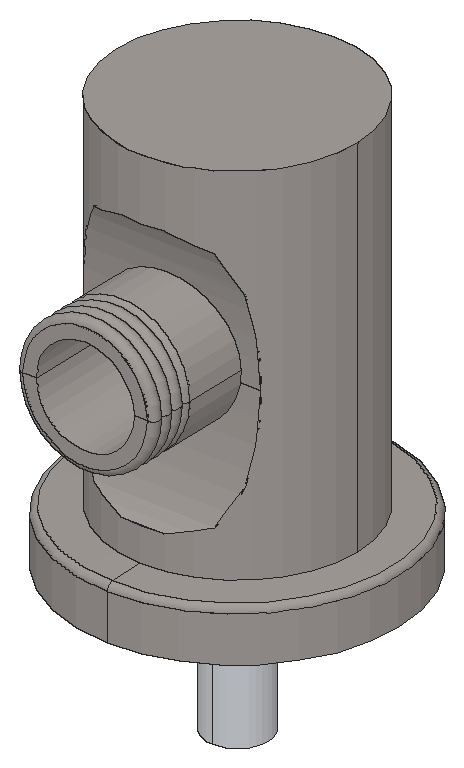
Revit family "Grohe_ShowerOutletElbow_Rainshower_27057ALC", category Plumbing Fixtures, host Face, Revit 2019
Family settings
  Host = Face
  Round Connector Dimension = Use Diameter
  Part Type = Normal
  OmniClass Number = 23.45.05.00
  OmniClass Title = Sanitary Equipment
  Cut with Voids When Loaded = No
  Shared = No
  Room Calculation Point = No
Parameters (values of type "RAINSHOWER Shower Outlet Elbow (27057ALC)")
  _ObjectUserGuide = "https://www.bimstore.co/products/grohe-27057alc/document/object-user-guide"
  _DistributedBy = "https://www.bimstore.co/"
  _CurrentRevision = 1
  _CreatedBy = "https://www.bimstore.co/"
  _BimSpecGuid = 0
  _BSBibleVersion = 17
  _AuthorizedBy = "bimstore"
  _Author = "JY 144"
  WarrantyStartDate [instance] = "Please Record On Commissioning."
  WarrantyGuarantorParts = "info-uk@grohe.com"
  WarrantyGuarantorLabor = "info-uk@grohe.com"
  WarrantyDurationUnit = "Years"
  WarrantyDurationParts = "0"
  WarrantyDurationLabor = "0"
  WarrantyDescription = "n/a"
  URL = "https://www.grohe.co.uk/"
  TypeName = "RAINSHOWER Shower Outlet Elbow"
  Type Comments = "RAINSHOWER Shower Outlet Elbow"
  TPIDocumentLink = "https://cdn.cloud.grohe.com/tpi/100000/100000/100000/100100/100100/100102/100102555/original/100102555.pdf"
  SustainabilityReport = "green.grohe.com/reporting"
  SustainabilityAward = "green.grohe.com/awards"
  SpareParts = "info-uk@grohe.com"
  Size = "n/a"
  Shape = "n/a"
  SerialNumber [instance] = "Please Record On Commissioning."
  ReplacementCost = "n/a"
  ReferencedStandard = "n/a"
  ProductionYear = "2023"
  ProductType = "Shower Rail and Union"
  ProductShortText = "Shower outlet elbow, 1/2\""
  ProductPageURL = "www.grohe.cn"
  ProductNumber = "27057ALC"
  ProductDescription = "male thread\r\r\nwith round escutcheon\r\r\nprotected against backflow\r\r\nGROHE Long-Life Shine finish"
  PrimaryMaterial = Grohe_BrushedHardGraphite
  PQDiagramLink = "n/a"
  NominalLength = 0.0 mm
  NominalHeight = 0.0 mm
  NominalDepth = 0.0 mm
  NBSReference = "n/a"
  NBSOfficeMasterTag = "n/a"
  NBSObjectName = "Grohe - Shower head holders"
  NBSNote = "n/a"
  NBSDescription = "Shower head holders"
  ModelReference = "RAINSHOWER Shower Outlet Elbow"
  ModelNumber = "27057ALC"
  Model = "RAINSHOWER Shower Outlet Elbow"
  Material = "n/a"
  ManufacturerName = "Grohe"
  Manufacturer = "Grohe"
  Keynote = "N13"
  InstallationDate [instance] = "Please Record On Commissioning."
  IfcExportType = "IfcPipeFittingType"
  IfcExportAs = "IfcPipeFitting"
  Grade = "n/a"
  GROHESustainability = "green.grohe.com"
  GROHESocialCommittment = "green.grohe.com/social_engagement"
  FullRecyclabilityOfPlastic = "All plastic components are fully recyclable"
  Finish = "n/a"
  Features = "n/a"
  ExpectedLife = 0
  Ecojoy = no
  EF025385 = "50"
  EF023661 = "false"
  EF023660 = "TRUE"
  EF023452 = "1/8 inch"
  EF022726 = "Internal thread"
  EF021720 = "TRUE"
  EF021480 = "TRUE"
  EF006485 = "false"
  EF002671 = "Other"
  EF002594 = "false"
  EF001438 = 64.0 mm
  EF000010 = "Wall mounting"
  DurationUnit = "Years"
  DocumentationTechnical = "https://www.bimstore.co/products/grohe-27057alc/document/technical-data-sheet"
  DocumentationMaintenance = "https://www.bimstore.co/products/grohe-27057alc/document/maintenance-information"
  DocumentationLiterature = "https://www.bimstore.co/products/grohe-27057alc/document/product-literature"
  DocumentationInstallationGuide = "https://www.bimstore.co/products/grohe-27057alc/document/installation-guide"
  DocumentationCertificates = "https://www.bimstore.co/products/grohe-27057alc/document/product-certificates"
  DimensionsDocumentLink = "https://cdn.cloud.grohe.com/dimdraw/1000/1300/1390/1399/1399548/1280/1399548.jpg"
  Description = "RAINSHOWER Shower Outlet Elbow"
  Default Elevation = 0.0 mm
  CreatedOn = "2023-03-01T09:00:00"
  CreatedBy = "info-uk@grohe.com"
  CradleToCradleCertification = "n/a"
  Cost = 0
  Constituents = "n/a"
  Color = "Brushed Hard Graphite"
  CodePerformance = "n/a"
  ClassificationValue = "Pr_40_20_87_77"
  ClassificationName = "Uniclass2015"
  CO2NeutralProduction = "GROHE is one of the first leading manufacturer within the sanitary industry having a CO2-neutral production."
  BarCode [instance] = "Please Record On Commissioning."
  BIMObjectName = "Grohe_ShowerOutletElbow_Rainshower_27057ALC"
  AssetType = "Fixed"
  AssetIdentifier [instance] = "n/a"
  Assembly Code = "D2010"
  AccessibilityPerformance = "n/a"
Reference planes
  plane 1 "Center (Front/Back)": y = 0
  plane 2: z = 0
  plane 3 "Center (Left/Right)": x = 0
  plane 4: through (0, 7.221, 189.081) normal (0, -0.9989, 0.0459)
Forms (mm)
  Extrusion 1, solid, material "Grohe_BrushedHardGraphite" <- "PrimaryMaterial"
    sketch origin (0, 0, 0) x (1, 0, 0) y (0, 1, 0)
      loop
        circle (0, 0) r 18.4
    from 7 to 64
  Revolve 2, solid, material "Grohe_BrushedHardGraphite" <- "PrimaryMaterial"
    sketch origin (0, 0, 35.5) x (1, 0, 0) y (0, 1, 0)
      loop
        arc (9.497, -29) -> (10.477, -28.02) -> (9.497, -27.04) r 0.98
        arc (9.497, -27.04) -> (10.477, -26.061) -> (9.497, -25.081) r 0.98
        arc (9.497, -25.081) -> (10.477, -24.101) -> (9.497, -23.121) r 0.98
        arc (9.497, -23.121) -> (10.19, -22.834) -> (10.477, -22.141) r 0.98
        line (10.477, -22.141) -> (10.477, -8.072) -> (0, -8.072) -> (0, -11.072) -> (7.477, -11.072) -> (7.477, -29) -> (9.497, -29)
      axis (0, -8.072) -> (0, -29)
    angle from 0 to 360
  Sweep 3, solid
    path in 3D
      loop
        line (0, 0, 0) -> (0, 0, -22.649)
    profile origin (0, 0, -11.324) x (0, -1, 0) y (1, 0, 0)
      loop
        circle (0, 0) r 4.75
  Revolve 4, solid, material "Grohe_BrushedHardGraphite" <- "PrimaryMaterial"
    sketch origin (0, 0, 0) x (0, 1, 0) y (0, 0, 1)
      loop
        line (24.746, 0) -> (24.746, 6.989)
        arc (24.746, 6.989) -> (24.473, 7.676) -> (23.803, 7.987) r 1
        arc (23.803, 7.987) -> (11.906, 8.455) -> (0, 8.513) r 345.228
        line (0, 8.513) -> (0, 0) -> (24.746, 0)
      axis (0, 8.513) -> (0, 0)
    angle from 0 to 360
  Extrusion 5, void
    sketch origin (-138.469, 0, 0) x (0, 0, -1) y (0, -1, 0)
      loop
        spline (-33.878, 24.575) -> (-39.248, 24.368) -> (-44.251, 23.761) -> (-48.548, 22.796) -> (-51.845, 21.537) -> (-53.918, 20.072) -> (-54.625, 18.5) -> (-53.918, 16.928) -> (-51.845, 15.462) -> (-48.548, 14.204) -> (-44.251, 13.239) -> (-39.248, 12.632) -> (-33.878, 12.425)
        spline (-33.878, 12.425) -> (-28.508, 12.632) -> (-23.505, 13.239) -> (-19.208, 14.204) -> (-15.911, 15.462) -> (-13.838, 16.928) -> (-13.131, 18.5) -> (-13.838, 20.072) -> (-15.911, 21.537) -> (-19.208, 22.796) -> (-23.505, 23.761) -> (-28.508, 24.368) -> (-33.878, 24.575)
    from -153.482 to -122.548
Cuts and joins
  Extrusion 5 cuts Extrusion 1
Lines and regions (mm)
  sketch lines
    curve 1: line (0, 0, 0) -> (0, 0, -22.649)
Dimensions and locks
  aligned and locked: plane 2 to host face
  aligned and locked: level to host face
Connectors
  piping at (0, -29, 35.5), diameter 15
    settings: on Revolve 2, index 1, connector inside diameter 609.6 mm, connector length 0.0 mm, flow factor 0, pipe flow 0.0 L/s, pressure drop 0.0 Pa, fitting loss kfactor 0, connector angle 0.00°, fixture units 0, engagement length 0.0 mm, angle of deflection 0.00°, flow configuration 0, flow direction 0, fitting loss method 0, system type 19, joint type 0, gender type 0, connector reference index -1, connector utility 0, adjustable connector no, is connector primary yes, connector description ""
  piping at (0, 0, -22.649), diameter 10
    settings: on Sweep 3, index 2, connector inside diameter 609.6 mm, connector length 0.0 mm, flow factor 0, pipe flow 0.0 L/s, pressure drop 0.0 Pa, fitting loss kfactor 0, connector angle 0.00°, fixture units 0, engagement length 0.0 mm, angle of deflection 0.00°, flow configuration 0, flow direction 0, fitting loss method 0, system type 19, joint type 0, gender type 0, connector reference index -1, connector utility 0, adjustable connector no, is connector primary no, connector description ""
